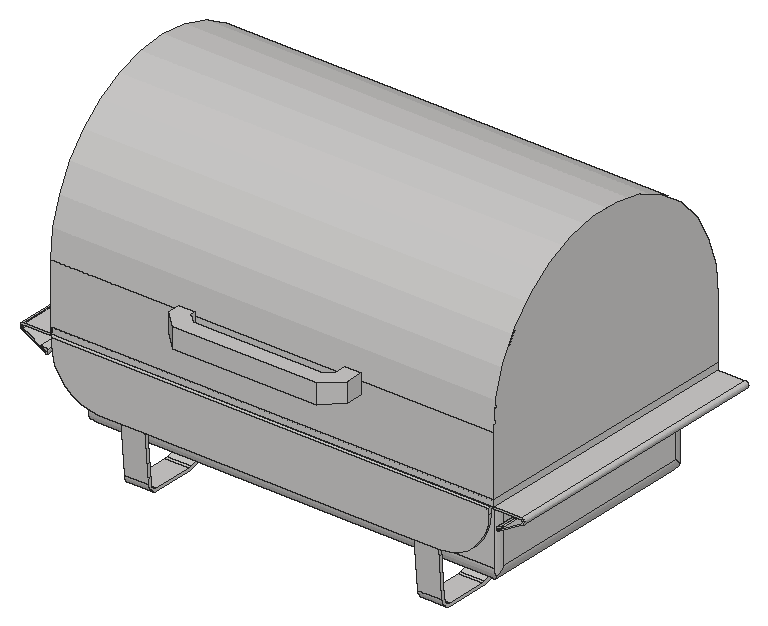
Revit family "QF_BOURGEAT_bain_marie_couvercle_roll_top_modulo", category Equipement spécialisé, Revit 2015
Parameters (values of type "bain_marie")
  support = no
  URL catalogue = "http://www.bourgeat.fr"
  URL = ""
  Type de Raccord Electrique = ""
  Type article = ""
  Tension = 230 V
  Spécification du Fabricant = "bain_marie_modulo"
  Remarques Electricité = ""
  Puissance électrique  = 700 W
  Profondeur hors tout = 345 mm
  Poids net à vide = 7.00 kg
  Phase = 2
  Modèle = "875007"
  Longueur hors tout = 545 mm
  Intensité nominale = 3.04348 A
  Indice de protection = "54"
  Hauteur hors tout = 335 mm
  Fréquence = 50 Hz
  Fabricant = "BOURGEAT"
  Contact SAV = "0033(0)4.73.32.14.44"
  Charge max = 10.00 kg
Types (3, lengths in mm): name | support | Profondeur hors tout | Modèle | Longueur hors tout
  (no name) | no | 345 | "875007" | 545
  bain_marie | no | 345 | "875007" | 545
  bain_marie+support | yes | 350 | "875007+875000" | 620
Reference planes
  plane 1 "Centre (avant/arrière)": y = 0
  plane 2: z = 0
  plane 3 "Centre (gauche/droite)": x = 0
Dimensions and locks
  aligned and locked: level to plane 2
  aligned and locked: nested 1 to nested 2
Nested families
  nested 1: "base_commune_empilable" at (0, 0, 0), type "base_commune_empilable"
  nested 2: "bain_marie_couvercle_roll_top" at (0, 0, -76), type "modele_a_alcool"
Connectors
  electrical at (173.194, -64.811, 37.064), driven by "Tension"
    settings: on nested 2, index 1, voltage 230 V, apparent load 0 VA, apparent load phase1 700 VA, apparent load phase2 0 VA, apparent load phase3 0 VA, power factor 1, load classification "Autre", number of poles 1, system type 30, power factor state 1, is connector primary yes, connector utility no, sub classification motor no, connector description ""
Definition of nested family "base_commune_empilable"
  Reference planes
    plane 1 "Centre (avant/arrière)": y = 0
    plane 2: z = 0
    plane 3 "Centre (gauche/droite)": x = 0
    plane 4: x = 311
    plane 5: x = -311
    plane 6: y = 175.7
    plane 7: y = -175.7
    plane 8: z = 149
    plane 9: z = 147
    plane 10: y = 172.5
    plane 11: y = -172.5
    plane 12: z = 81.5
    plane 13: x = 270
    plane 14: x = -270
    plane 15: x = 175.8
    plane 16: x = -175.8
    plane 17: x = 199.8
    plane 18: x = 151.8
    plane 19: x = -151.8
    plane 20: x = -199.8
    plane 21: x = -151.8
    plane 22: x = -199.8
    plane 23: x = 199.8
    plane 24: x = 151.8
    plane 25: y = 155
    plane 26: y = -155
    plane 27: y = 167.7
    plane 28: y = 167.7
    plane 29: y = -167.7
    plane 30: y = -167.7
    plane 31: x = 257.5
    plane 32: x = -257.5
    plane 33: x = -196
    plane 34: x = 196
  Forms (mm)
    Extrusion 1, solid
      sketch origin (0, 0, 0) x (1, 0, 0) y (0, 0, 1)
        loop
          line (307, 149) -> (-307, 149)
          arc (-307, 149) -> (-310.864, 146.035) -> (-309, 141.536) r 4
          line (-309, 141.536) -> (-280.078, 124.838)
          arc (-280.078, 124.838) -> (-276.8, 125.716) -> (-277.678, 128.995) r 2.4
          line (-277.678, 128.995) -> (-284.26, 132.795) -> (-285.26, 131.063) -> (-278.678, 127.263)
          arc (-278.678, 127.263) -> (-278.532, 126.716) -> (-279.078, 126.57) r 0.4
          line (-279.078, 126.57) -> (-308, 143.268)
          arc (-308, 143.268) -> (-308.932, 145.518) -> (-307, 147) r 2
          line (-307, 147) -> (307, 147)
          arc (307, 147) -> (308.932, 145.518) -> (308, 143.268) r 2
          line (308, 143.268) -> (279.078, 126.57)
          arc (279.078, 126.57) -> (278.532, 126.716) -> (278.678, 127.263) r 0.4
          line (278.678, 127.263) -> (285.26, 131.063) -> (284.26, 132.795) -> (277.678, 128.995)
          arc (277.678, 128.995) -> (276.8, 125.716) -> (280.078, 124.838) r 2.4
          line (280.078, 124.838) -> (309, 141.536)
          arc (309, 141.536) -> (310.864, 146.035) -> (307, 149) r 4
      from -172.5 to 172.5
    Extrusion 2, solid
      sketch origin (0, 0, 0) x (0, 1, 0) y (0, 0, 1)
        loop
          line (-172.5, 149) -> (-173.7, 149)
          arc (-173.7, 149) -> (-175.114, 148.414) -> (-175.7, 147) r 2
          line (-175.7, 147) -> (-175.7, 81.5) -> (-173.514, 81.5) -> (-173.514, 146)
          arc (-173.514, 146) -> (-173.216, 146.712) -> (-172.5, 147) r 1
          line (-172.5, 147) -> (-172.5, 149)
        loop
          line (172.5, 149) -> (172.5, 147)
          arc (172.5, 147) -> (173.216, 146.712) -> (173.514, 146) r 1
          line (173.514, 146) -> (173.514, 81.5) -> (175.7, 81.5) -> (175.7, 147)
          arc (175.7, 147) -> (175.114, 148.414) -> (173.7, 149) r 2
          line (173.7, 149) -> (172.5, 149)
      from -270 to 270
    Extrusion 3, void
      sketch origin (0, 0, 0) x (1, 0, 0) y (0, 0, 1)
        loop
          line (-270, 146) -> (-280.002, 5.251) -> (-162.588, 81.5) -> (-210, 81.5)
          arc (-210, 81.5) -> (-252.426, 99.074) -> (-270, 141.5) r 60
          line (-270, 141.5) -> (-270, 146)
        loop
          line (270, 146) -> (270, 141.5)
          arc (270, 141.5) -> (252.426, 99.074) -> (210, 81.5) r 60
          line (210, 81.5) -> (162.588, 81.5) -> (280.002, 5.251) -> (270, 146)
      from -197.856 to 250
    Extrusion 4, void
      sketch origin (0, 0, 0) x (1, 0, 0) y (0, 1, 0)
        loop
          line (-199.8, 165.7) -> (-199.8, 157)
          arc (-199.8, 157) -> (-200.386, 155.586) -> (-201.8, 155) r 2
          line (-201.8, 155) -> (-217.5, 155)
          arc (-217.5, 155) -> (-245.784, 143.284) -> (-257.5, 115) r 40
          line (-257.5, 115) -> (-257.5, -115)
          arc (-257.5, -115) -> (-245.784, -143.284) -> (-217.5, -155) r 40
          line (-217.5, -155) -> (-201.8, -155)
          arc (-201.8, -155) -> (-200.386, -155.586) -> (-199.8, -157) r 2
          line (-199.8, -157) -> (-199.8, -165.7)
          arc (-199.8, -165.7) -> (-199.214, -167.114) -> (-197.8, -167.7) r 2
          line (-197.8, -167.7) -> (-153.8, -167.7)
          arc (-153.8, -167.7) -> (-152.386, -167.114) -> (-151.8, -165.7) r 2
          line (-151.8, -165.7) -> (-151.8, -157)
          arc (-151.8, -157) -> (-151.214, -155.586) -> (-149.8, -155) r 2
          line (-149.8, -155) -> (149.8, -155)
          arc (149.8, -155) -> (151.214, -155.586) -> (151.8, -157) r 2
          line (151.8, -157) -> (151.8, -165.7)
          arc (151.8, -165.7) -> (152.386, -167.114) -> (153.8, -167.7) r 2
          line (153.8, -167.7) -> (197.8, -167.7)
          arc (197.8, -167.7) -> (199.214, -167.114) -> (199.8, -165.7) r 2
          line (199.8, -165.7) -> (199.8, -157)
          arc (199.8, -157) -> (200.386, -155.586) -> (201.8, -155) r 2
          line (201.8, -155) -> (217.5, -155)
          arc (217.5, -155) -> (245.784, -143.284) -> (257.5, -115) r 40
          line (257.5, -115) -> (257.5, 115)
          arc (257.5, 115) -> (245.784, 143.284) -> (217.5, 155) r 40
          line (217.5, 155) -> (201.8, 155)
          arc (201.8, 155) -> (200.386, 155.586) -> (199.8, 157) r 2
          line (199.8, 157) -> (199.8, 165.7)
          arc (199.8, 165.7) -> (199.214, 167.114) -> (197.8, 167.7) r 2
          line (197.8, 167.7) -> (153.8, 167.7)
          arc (153.8, 167.7) -> (152.386, 167.114) -> (151.8, 165.7) r 2
          line (151.8, 165.7) -> (151.8, 157)
          arc (151.8, 157) -> (151.214, 155.586) -> (149.8, 155) r 2
          line (149.8, 155) -> (-149.8, 155)
          arc (-149.8, 155) -> (-151.214, 155.586) -> (-151.8, 157) r 2
          line (-151.8, 157) -> (-151.8, 165.7)
          arc (-151.8, 165.7) -> (-152.386, 167.114) -> (-153.8, 167.7) r 2
          line (-153.8, 167.7) -> (-197.8, 167.7)
          arc (-197.8, 167.7) -> (-199.214, 167.114) -> (-199.8, 165.7) r 2
      from 0 to 250
  Cuts and joins
    Extrusion 3 cuts Extrusion 2
    Extrusion 4 cuts Extrusion 1
  Dimensions and locks
    plane 6 to plane 7 = 351.4 mm
    plane 5 to plane 4 = 622 mm  (x2)
    plane 7 to plane 6 = 351.4 mm
    plane 10 to plane 1 "Centre (avant/arrière)" to plane 11 = 172.5 mm, 172.5 mm
    plane 5 to plane 33 = 115 mm
    plane 34 to plane 4 = 115 mm
    cut or joined group of Extrusion 1, Extrusion 4 to nested 2 = 1 mm
    aligned and locked: level to plane 2
    aligned and locked: plane 10 to Extrusion 1
    aligned and locked: plane 11 to Extrusion 1
    aligned and locked: Extrusion 2 to plane 12  (x2)
    aligned and locked: plane 14 to Extrusion 2
    aligned and locked: plane 13 to Extrusion 2
    aligned and locked: nested 1 to plane 33
    aligned and locked: nested 2 to plane 34
  Nested families
    nested 1: "bras_du_support" at (-181, 0, 0) x (0, 1, 0) z (0, 0, 1), type "bras_du_support"
    nested 2: "bras_du_support" at (181, 0, 0) x (0, 1, 0) z (0, 0, 1), type "bras_du_support"
  Definition of nested family "bras_du_support"
    Reference planes
      plane 1 "Centre (avant/arrière)": y = 0
      plane 2: z = 0
      plane 3 "Centre (gauche/droite)": x = 0
      plane 4: through (-247.444, -1524, 1281.791) normal (0.9962, 0, 0.0872)
      plane 5: z = 225
      plane 6: through (155.5, -1524, 225) normal (0.9962, 0, -0.0872)
      plane 7: z = 12
      plane 8: through (-64.644, -1524, 12.113) normal (0.3256, 0, -0.9455)
      plane 9: through (64.971, -1524, 12) normal (0.3256, 0, 0.9455)
      plane 10: z = 3
      plane 11: through (148.123, -1524, 175.104) normal (0.9962, 0, -0.0872)
      plane 12: through (-146.325, -1524, 160.421) normal (0.9962, 0, 0.0872)
      plane 13: x = 161.5
      plane 14: x = -161.5
      plane 15: x = 158.5
      plane 16: z = 195
      plane 17: through (161.5, -1524, 195) normal (0.7986, 0, -0.6018)
      plane 18: through (158.5, -1524, 195) normal (0.7986, 0, -0.6018)
      plane 19: x = -158.5
      plane 20: through (-161.5, -1524, 195) normal (0.7986, 0, 0.6018)
      plane 21: through (-158.5, -1524, 195) normal (0.7986, 0, 0.6018)
      plane 22: through (-93.673, -1524, -1.056) normal (-0.3256, 0, 0.9455)
      plane 23: x = -64.997
      plane 24: x = 64.997
      plane 25: through (71.413, -1524, 6.609) normal (0.3256, 0, 0.9455)
      plane 26: z = 8.991
      plane 27: y = 15
      plane 28: y = -15
      plane 29: z = 140
    Forms (mm)
      Extrusion 1, solid
        sketch origin (0, 0, 0) x (1, 0, 0) y (0, 0, 1)
          loop
            line (-170.5, 140) -> (-173.5, 140) -> (-173.5, 112.008)
            arc (-173.5, 112.008) -> (-173.19, 110.104) -> (-172.292, 108.397) r 6
            line (-172.292, 108.397) -> (-163.679, 96.968)
            arc (-163.679, 96.968) -> (-163.275, 96.237) -> (-163.087, 95.424) r 3
            line (-163.087, 95.424) -> (-155.776, 11.867)
            arc (-155.776, 11.867) -> (-151.609, 3.415) -> (-142.826, 0) r 13
            line (-142.826, 0) -> (-92.782, 0)
            arc (-92.782, 0) -> (-90.636, 0.178) -> (-88.55, 0.708) r 13
            line (-88.55, 0.708) -> (-66.077, 8.446)
            arc (-66.077, 8.446) -> (-64.472, 8.854) -> (-62.821, 8.991) r 10
            line (-62.821, 8.991) -> (62.822, 8.991)
            arc (62.822, 8.991) -> (64.472, 8.854) -> (66.078, 8.446) r 10
            line (66.078, 8.446) -> (88.55, 0.708)
            arc (88.55, 0.708) -> (90.637, 0.178) -> (92.783, 0) r 13
            line (92.783, 0) -> (143.339, 0)
            arc (143.339, 0) -> (152.122, 3.415) -> (156.29, 11.867) r 13
            line (156.29, 11.867) -> (163.668, 96.194)
            arc (163.668, 96.194) -> (163.855, 97.008) -> (164.26, 97.738) r 3
            line (164.26, 97.738) -> (172.292, 108.397)
            arc (172.292, 108.397) -> (173.19, 110.104) -> (173.5, 112.008) r 6
            line (173.5, 112.008) -> (173.5, 140) -> (170.5, 140) -> (170.5, 111.004)
            arc (170.5, 111.004) -> (170.345, 110.052) -> (169.896, 109.198) r 3
            line (169.896, 109.198) -> (161.765, 98.408)
            arc (161.765, 98.408) -> (160.955, 96.947) -> (160.58, 95.32) r 6
            line (160.58, 95.32) -> (153.301, 12.128)
            arc (153.301, 12.128) -> (150.095, 5.627) -> (143.339, 3) r 10
            line (143.339, 3) -> (92.783, 3)
            arc (92.783, 3) -> (91.132, 3.137) -> (89.527, 3.545) r 10
            line (89.527, 3.545) -> (67.054, 11.283)
            arc (67.054, 11.283) -> (64.967, 11.813) -> (62.822, 11.991) r 13
            line (62.822, 11.991) -> (-62.827, 11.991)
            arc (-62.827, 11.991) -> (-64.973, 11.813) -> (-67.06, 11.283) r 13
            line (-67.06, 11.283) -> (-89.532, 3.545)
            arc (-89.532, 3.545) -> (-91.138, 3.137) -> (-92.788, 3) r 10
            line (-92.788, 3) -> (-142.826, 3)
            arc (-142.826, 3) -> (-149.582, 5.627) -> (-152.788, 12.128) r 10
            line (-152.788, 12.128) -> (-159.999, 94.549)
            arc (-159.999, 94.549) -> (-160.374, 96.177) -> (-161.184, 97.637) r 6
            line (-161.184, 97.637) -> (-169.896, 109.198)
            arc (-169.896, 109.198) -> (-170.345, 110.052) -> (-170.5, 111.004) r 3
            line (-170.5, 111.004) -> (-170.5, 140)
        from -15 to 15
    Dimensions and locks
      plane 14 to plane 13 = 323 mm
      plane 23 to plane 24 = 129.994 mm
      locked: plane 5 to plane 16 at 30
      angle plane 4 to plane 5 = 85.00°
      angle plane 5 to plane 6 = 85.00°
      angle plane 8 to plane 7 = 161.00°
      angle plane 7 to plane 9 = 161.00°
      aligned and locked: level to plane 2
      aligned and locked: Extrusion 1 sketch curve to plane 26
      aligned and locked: plane 27 to Extrusion 1
      aligned and locked: plane 28 to Extrusion 1
Definition of nested family "bain_marie_couvercle_roll_top"
  Parameters (values of type "modele_a_alcool")
    URL_page_produit = "http://www.bourgeat.fr"
    URL_fiche_technique = "à venir"
    URL_SAV = "à venir"
    URL = "http://www.bourgeat.fr"
    Type_de_raccordement = ""
    Tension = 0 V
    Puissance_electrique = 0 W
    Profondeur_hors_tout = 335 mm
    Poids = "11Kg"
    Nombre_pole = 1
    Nature_isolant = ""
    Model = "bain_marie_de_table"
    Largeur_hors_tout = 630 mm
    Intensite = 0 A
    Hauteur_hors_tout = 480 mm
    Frequence = ""
    Manufacturer = "BOURGEAT"
    Contact_SAV = "0033(4).76.32.14.44"
    Code_article = "856001"
    Charge_maximum = ""
  Reference planes
    plane 1 "Centre (avant/arrière)": y = 0
    plane 2: z = 0
    plane 3 "Centre (gauche/droite)": x = 0
    plane 4: z = 480
    plane 5: z = 292.198
  Forms (mm)
    Extrusion 1, solid
      sketch origin (0, 0, 74.004) x (0, 1, 0) y (0, 0, 1)
        loop
          line (-173, 233) -> (-173, 158.996) -> (173, 158.996) -> (173, 233)
          arc (173, 233) -> (0, 406) -> (-173, 233) r 173
      from -273 to 273
    Extrusion 2, solid
      sketch origin (0, 0, 0) x (1, 0, 0) y (0, 1, 0)
        loop
          line (-109.886, -194.28) -> (-88.672, -215.493) -> (88.672, -215.493) -> (109.886, -194.28) -> (109.886, -173) -> (89.886, -173) -> (89.886, -185.995) -> (80.388, -195.493) -> (-80.388, -195.493) -> (-89.886, -185.995) -> (-89.886, -179.28) -> (-109.886, -179.28) -> (-109.886, -194.28)
      from 292.198 to 316.268
  Dimensions and locks
    plane 4 to plane 2 = 480 mm
    Extrusion 2 to plane 5 = 24.07 mm
    aligned and locked: level to plane 2
    aligned and locked: Extrusion 1 to nested 1
    aligned and locked: Extrusion 2 to plane 5
  Nested families
    nested 1: "cuve_b_m" at (0, 0, 116), type "cuve_b_m"
  Definition of nested family "cuve_b_m"
    Reference planes
      plane 1 "Centre (avant/arrière)": y = 0
      plane 2: z = 0
      plane 3 "Centre (gauche/droite)": x = 0
      plane 4: x = 273
      plane 5: x = -273
      plane 6: y = 173
      plane 7: y = -173
      plane 8: z = 117
      plane 9: y = 172
      plane 10: x = 272
      plane 11: y = -172
      plane 12: x = -272
      plane 13: z = 110
      plane 14: x = -253.5
      plane 15: y = -143
      plane 16: y = 143
      plane 17: z = 109
    Forms (mm)
      Extrusion 1, solid
        sketch origin (0, 0, 0) x (1, 0, 0) y (0, 1, 0)
          loop
            line (-273, 173) -> (-273, -173) -> (273, -173) -> (273, 173) -> (-273, 173)
        from 0 to 117
      Extrusion 2, void
        sketch origin (0, 0, 0) x (1, 0, 0) y (0, 1, 0)
          loop
            line (-272, 172) -> (-272, -172) -> (272, -172) -> (272, 172) -> (-272, 172)
        from 110 to 135.867
      Extrusion 3, void
        sketch origin (0, 0, 0) x (1, 0, 0) y (0, 0, 1)
          loop
            line (-289.458, 109) -> (-289.458, -40) -> (289.458, -40) -> (289.458, 109) -> (257, 109)
            arc (257, 109) -> (254.525, 107.975) -> (253.5, 105.5) r 3.5
            line (253.5, 105.5) -> (253.5, 20)
            arc (253.5, 20) -> (247.642, 5.858) -> (233.5, 0) r 20
            line (233.5, 0) -> (-233.5, 0)
            arc (-233.5, 0) -> (-247.642, 5.858) -> (-253.5, 20) r 20
            line (-253.5, 20) -> (-253.5, 105.5)
            arc (-253.5, 105.5) -> (-254.525, 107.975) -> (-257, 109) r 3.5
            line (-257, 109) -> (-289.458, 109)
        from -309.494 to 250
      Extrusion 4, void
        sketch origin (0, 0, 0) x (0, 1, 0) y (0, 0, 1)
          loop
            line (-190.351, 109) -> (-190.351, -20) -> (190.351, -20) -> (190.351, 109) -> (146.5, 109)
            arc (146.5, 109) -> (144.025, 107.975) -> (143, 105.5) r 3.5
            line (143, 105.5) -> (143, 20)
            arc (143, 20) -> (137.142, 5.858) -> (123, 0) r 20
            line (123, 0) -> (-123, 0)
            arc (-123, 0) -> (-137.142, 5.858) -> (-143, 20) r 20
            line (-143, 20) -> (-143, 105.5)
            arc (-143, 105.5) -> (-144.025, 107.975) -> (-146.5, 109) r 3.5
            line (-146.5, 109) -> (-190.351, 109)
        from -358.259 to 332.42
      Extrusion 5, void
        sketch origin (0, 0, 0) x (1, 0, 0) y (0, 1, 0)
          loop
            arc (-253.5, 132.5) -> (-247.642, 146.642) -> (-233.5, 152.5) r 20
            line (-233.5, 152.5) -> (-226.13, 152.5) -> (-226.13, 182.5) -> (-261.13, 182.5) -> (-261.13, 125.635) -> (-253.5, 125.635) -> (-253.5, 132.5)
        from 0 to 109
      Extrusion 6, void
        sketch origin (0, 0, 0) x (1, 0, 0) y (0, 1, 0)
          loop
            line (-253.5, -132.5) -> (-253.5, -125.635) -> (-261.13, -125.635) -> (-261.13, -182.5) -> (-226.13, -182.5) -> (-226.13, -152.5) -> (-233.5, -152.5)
            arc (-233.5, -152.5) -> (-247.642, -146.642) -> (-253.5, -132.5) r 20
        from 0 to 109
      Extrusion 7, void
        sketch origin (0, 0, 0) x (-1, 0, 0) y (0, -1, 0)
          loop
            line (-253.5, -132.5) -> (-253.5, -125.635) -> (-261.13, -125.635) -> (-261.13, -182.5) -> (-226.13, -182.5) -> (-226.13, -152.5) -> (-233.5, -152.5)
            arc (-233.5, -152.5) -> (-247.642, -146.642) -> (-253.5, -132.5) r 20
        from 0 to 109
      Extrusion 8, void
        sketch origin (0, 0, 0) x (-1, 0, 0) y (0, -1, 0)
          loop
            arc (-253.5, 132.5) -> (-247.642, 146.642) -> (-233.5, 152.5) r 20
            line (-233.5, 152.5) -> (-226.13, 152.5) -> (-226.13, 182.5) -> (-261.13, 182.5) -> (-261.13, 125.635) -> (-253.5, 125.635) -> (-253.5, 132.5)
        from 0 to 109
      Extrusion 9, solid
        sketch origin (0, 0, 0) x (1, 0, 0) y (0, 1, 0)
          loop
            circle (173.194, -64.811) r 5
        from 0 to -2.936
    Cuts and joins
      Extrusion 2, Extrusion 3, Extrusion 4, Extrusion 5, Extrusion 6, Extrusion 7, Extrusion 8 cuts Extrusion 1
    Dimensions and locks
      plane 5 to plane 4 = 546 mm
      plane 5 to plane 14 = 19.5 mm
      plane 15 to plane 16 = 286 mm
      plane 15 to plane 1 "Centre (avant/arrière)" to plane 16 = 143 mm, 143 mm
      aligned and locked: level to plane 2
      aligned and locked: Extrusion 1 sketch curve to plane 6
      aligned and locked: Extrusion 1 sketch curve to plane 5
      aligned and locked: Extrusion 1 sketch curve to plane 7
      aligned and locked: Extrusion 1 sketch curve to plane 4
      aligned and locked: plane 8 to Extrusion 1
      aligned and locked: Extrusion 2 sketch curve to plane 9
      aligned and locked: Extrusion 2 sketch curve to plane 12
      aligned and locked: Extrusion 2 sketch curve to plane 11
      aligned and locked: Extrusion 2 sketch curve to plane 10
      aligned and locked: Extrusion 2 to plane 13
      aligned and locked: Extrusion 3 sketch curve to Extrusion 3 sketch curve
      aligned and locked: Extrusion 4 sketch curve to Extrusion 4 sketch curve
      aligned and locked: Extrusion 4 sketch curve to plane 16
